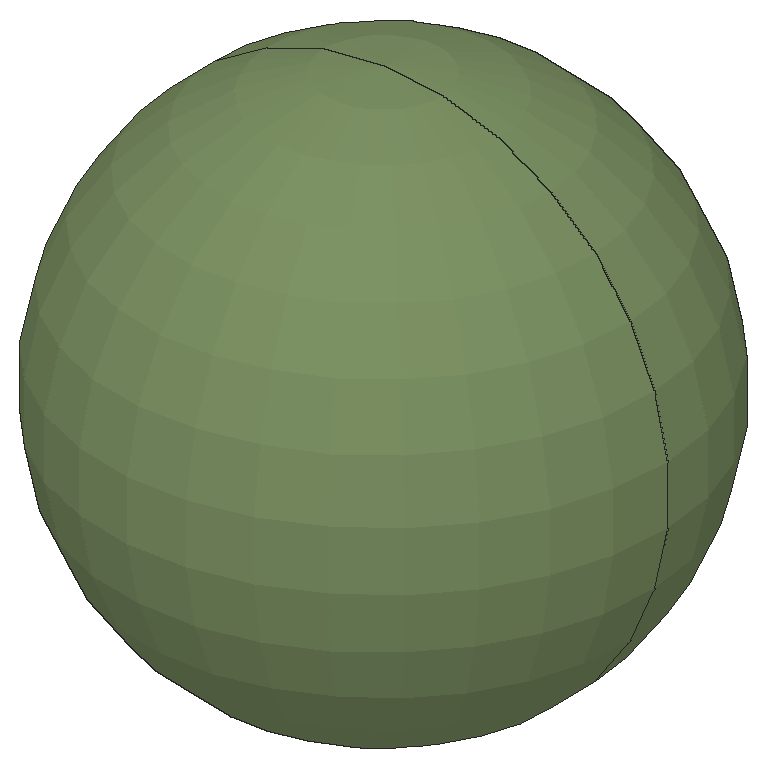
Revit family "AM_Garden_Shrub", category Planting, Revit 2025
Family settings
  OmniClass Number = 23.40.05.00
  OmniClass Title = Plants and Planting Products
  Work Plane-Based = No
  Always vertical = Yes
  Cut with Voids When Loaded = No
  Render Appearance Source = Family Geometry
  Shared = No
Parameters (values of type "Shrub 1 m")
  Height = 6000 mm
  Default Elevation = 0 mm
Reference planes
  plane 1 "Center (Front/Back)": y = 0
  plane 2: z = 0
  plane 3 "Center (Left/Right)": x = 0
Forms (mm)
  Revolve 1, solid, material "AM Foliage"
    sketch origin (0, 0, 0) x (0, 0, 1) y (1, 0, 0)
      loop
        line (0, 0) -> (1000, 0)
        arc (1000, 0) -> (500, 500) -> (0, 0) r 500
      axis (0, 0) -> (1000, 0)
    angle from 0 to 360
Dimensions and locks
  aligned and locked: level to plane 2
